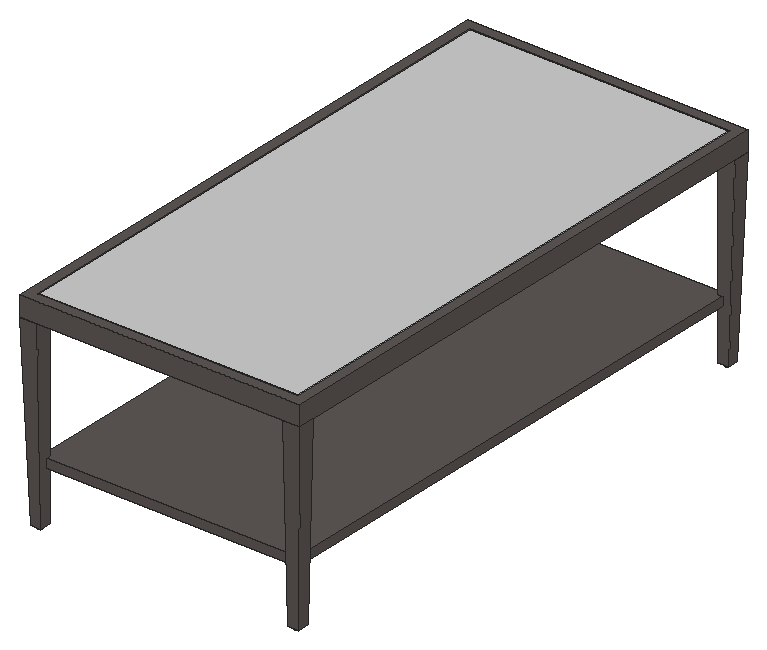
Revit family
Parameters
  URL = "http://www.martinbrattrud.com"
  Table Top [instance] = none
  SCS Certified Product = "Yes"
  Model = "Knightswood 2210-48RL"
  Manufacturer = "Martin Brattrud, Inc."
  Table Wood [instance] = none
  Leg [instance] = none
  Keynote = "125000"
  Copyright = "© 2013 Martin Brattrud, Inc."
  Authoring Version = "Revit Architecture 2010"
  Assembly Code = "E2020200"
Reference planes (in)
  plane 1 "Center Front/Back": y = 0
  plane 2: z = 0
  plane 3 "Center Left/Right": x = 0
  plane 4: z = 18
Forms (in)
  Blend 1, solid, material <- "Table Wood"
    base sketch origin (-11.2525, -13.96742, 0) x (0, 1, 0) y (-1, 0, 0)
      loop
        line (-8.59508, 0.7475) -> (-10.03258, 0.7475) -> (-10.03258, -0.69) -> (-8.59508, -0.69) -> (-8.59508, 0.7475)
    top sketch origin (-11.2525, -13.96742, 0) x (0, 1, 0) y (-1, 0, 0)
      loop
        line (-8.59508, 0.2475) -> (-9.53258, 0.2475) -> (-9.53258, -0.69) -> (-8.59508, -0.69) -> (-8.59508, 0.2475)
    from 16.25 to 0.25
  Revolve 2, solid
    sketch origin (-11.03125, -23.03125, 0) x (0, -1, 0) y (0, 0, 1)
      loop
        line (0, 0.25) -> (0, 0) -> (0.125, 0)
        arc (0.125, 0) -> (0.21339, 0.03661) -> (0.25, 0.125) r 0.125
        line (0.25, 0.125) -> (0.25, 0.25) -> (0, 0.25)
      axis (0, 0.25) -> (0, 0)
    angle from 0 to 360
  Extrusion 3, solid, material <- "Table Wood"
    sketch origin (0, 0, 0) x (1, 0, 0) y (0, 1, 0)
      loop
        line (-11, 23) -> (-11, -23) -> (11, -23) -> (11, 23) -> (-11, 23)
    from 4.75 to 5.5
  Blend 4, solid, material <- "Table Wood"
    base sketch origin (-11.2525, 13.96742, 0) x (0, -1, 0) y (1, 0, 0)
      loop
        line (-8.59508, -0.7475) -> (-8.59508, 0.69) -> (-10.03258, 0.69) -> (-10.03258, -0.7475) -> (-8.59508, -0.7475)
    top sketch origin (-11.2525, 13.96742, 0) x (0, -1, 0) y (1, 0, 0)
      loop
        line (-8.59508, -0.2475) -> (-8.59508, 0.69) -> (-9.53258, 0.69) -> (-9.53258, -0.2475) -> (-8.59508, -0.2475)
    from 16.25 to 0.25
  Blend 5, solid, material <- "Table Wood"
    base sketch origin (11.2525, -13.96742, 0) x (0, 1, 0) y (-1, 0, 0)
      loop
        line (-8.59508, -0.7475) -> (-8.59508, 0.69) -> (-10.03258, 0.69) -> (-10.03258, -0.7475) -> (-8.59508, -0.7475)
    top sketch origin (11.2525, -13.96742, 0) x (0, 1, 0) y (-1, 0, 0)
      loop
        line (-8.59508, -0.2475) -> (-8.59508, 0.69) -> (-9.53258, 0.69) -> (-9.53258, -0.2475) -> (-8.59508, -0.2475)
    from 16.25 to 0.25
  Blend 6, solid, material <- "Table Wood"
    base sketch origin (11.2525, 13.96742, 0) x (0, -1, 0) y (1, 0, 0)
      loop
        line (-8.59508, 0.7475) -> (-10.03258, 0.7475) -> (-10.03258, -0.69) -> (-8.59508, -0.69) -> (-8.59508, 0.7475)
    top sketch origin (11.2525, 13.96742, 0) x (0, -1, 0) y (1, 0, 0)
      loop
        line (-8.59508, 0.2475) -> (-9.53258, 0.2475) -> (-9.53258, -0.69) -> (-8.59508, -0.69) -> (-8.59508, 0.2475)
    from 16.25 to 0.25
  Sweep 7, solid, material <- "Table Wood"
    path origin (0, 0, 0) x (1, 0, 0) y (0, 1, 0)
      loop
        line (-12, 24) -> (-12, -24) -> (12, -24) -> (12, 24) -> (-12, 24)
    profile origin (-12, 0, 0) x (1, 0, 0) y (0, 0, 1)
      loop
        line (0, 18) -> (0, 16.3125) -> (1.375, 16.3125) -> (1.375, 17.5) -> (0.875, 17.5) -> (0.875, 18) -> (0, 18)
  Revolve 8, solid
    sketch origin (11.03125, -23.03125, 0) x (0, -1, 0) y (0, 0, 1)
      loop
        line (0, 0.25) -> (0, 0) -> (0.125, 0)
        arc (0.125, 0) -> (0.21339, 0.03661) -> (0.25, 0.125) r 0.125
        line (0.25, 0.125) -> (0.25, 0.25) -> (0, 0.25)
      axis (0, 0.25) -> (0, 0)
    angle from 0 to 360
  Revolve 9, solid
    sketch origin (-11.03125, 23.03125, 0) x (0, 1, 0) y (0, 0, 1)
      loop
        line (0, 0.25) -> (0, 0) -> (0.125, 0)
        arc (0.125, 0) -> (0.21339, 0.03661) -> (0.25, 0.125) r 0.125
        line (0.25, 0.125) -> (0.25, 0.25) -> (0, 0.25)
      axis (0, 0.25) -> (0, 0)
    angle from 0 to 360
  Revolve 10, solid
    sketch origin (11.03125, 23.03125, 0) x (0, 1, 0) y (0, 0, -1)
      loop
        line (0, -0.25) -> (0.25, -0.25) -> (0.25, -0.125)
        arc (0.25, -0.125) -> (0.21339, -0.03661) -> (0.125, 0) r 0.125
        line (0.125, 0) -> (0, 0) -> (0, -0.25)
      axis (0, -0.25) -> (0, 0)
    angle from 0 to 360
  Extrusion 11, solid, material <- "Table Top"
    sketch origin (0, 0, -4) x (1, 0, 0) y (0, 1, 0)
      loop
        line (-11.09375, 23.09375) -> (-11.09375, -23.09375) -> (11.09375, -23.09375) -> (11.09375, 23.09375) -> (-11.09375, 23.09375)
    from 21.5 to 22
  Extrusion 12, solid, material <- "Table Wood"
    sketch origin (-0.065, 0, -4) x (1, 0, 0) y (0, 1, 0)
      loop
        line (-10.4975, 22.5625) -> (-10.4975, 23.875) -> (-11.81, 23.875) -> (-11.81, 22.5625) -> (-10.4975, 22.5625)
      loop
        line (10.6275, 22.5625) -> (11.94, 22.5625) -> (11.94, 23.875) -> (10.6275, 23.875) -> (10.6275, 22.5625)
      loop
        line (-10.4975, -22.5625) -> (-11.81, -22.5625) -> (-11.81, -23.875) -> (-10.4975, -23.875) -> (-10.4975, -22.5625)
      loop
        line (10.6275, -22.5625) -> (10.6275, -23.875) -> (11.94, -23.875) -> (11.94, -22.5625) -> (10.6275, -22.5625)
    from 20.25 to 20.3125
